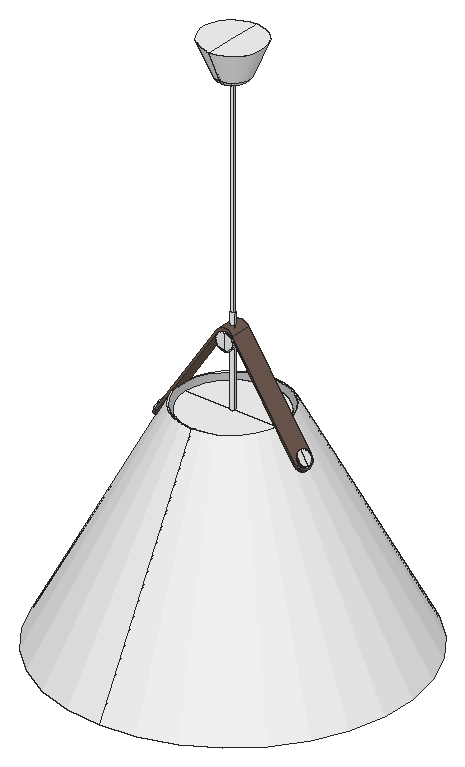
Revit family "Lighting_Pendants_Nordlux_Strap_68", category Lighting Fixtures, host Ceiling, Revit 2017
Family settings
  Host = Ceiling
  Round Connector Dimension = Use Diameter
  Part Type = Normal
  OmniClass Number = 23.80.70.11
  OmniClass Title = Luminaries for Internal Lighting
  Always vertical = Yes
  Cut with Voids When Loaded = No
  Light Source = Yes
  Shared = No
  Room Calculation Point = No
Parameters (values of type "Strap 68 - white with brown straps")
  Wattage = 6.7321 W
  WarrantyStartDate [instance] = "n/a"
  WarrantyGuarantorParts = "n/a"
  WarrantyGuarantorLabor = "n/a"
  WarrantyDurationUnit = "Hours"
  WarrantyDurationParts = "n/a"
  WarrantyDurationLabor = "n/a"
  WarrantyDescription = "n/a"
  built-in parameter 1150110 = 1 (stored number, unit not read)
  VersionDate = "12/08/2019"  # constant formula
  Version = "1"  # constant formula
  UsageCurrent = 0 A
  Uniclass2015Reference = "Pr_70_70_48_62"
  Uniclass2015Description = "Pendant  luminaires"
  Uniclass2 = "Pr_70_70_49_86"
  URL = "https://www.nordlux.com/products/product/84363001"
  TotalWattage = 60 W
  built-in parameter 1114217 = 1 (stored number, unit not read)
  Tilt Angle = 90.00°
  built-in parameter 1150109 = 1 (stored number, unit not read)
  built-in parameter 1150134 = (empty or 0)
  TagNumber [instance] = "n/a"
  SustainabilityPerformance = "n/a"
  built-in parameter 1150113 = 1 (stored number, unit not read)
  Socket = "E27"
  Size = "Shade: 680x680x607 mm / Canopy: 120x120x90 mm"  # constant formula
  Shape = "Sculptured"
  SerialNumber [instance] = "n/a"
  Revision = "n/a"
  ReplacementCost = "n/a"
  ProductInformation = "n/a"
  Product data url = "https://www.bimobject.com/nordlux/product/strap_68_pendant"
  Photometric Web File = "8436 Strap 68 Pendel.ies"
  PhaseReference = "n/a"
  PhaseAngle = 0.00°
  NumberOfSources = 0
  NumberOfPoles = 1
  NominalWidth = NominalDiameter  # 680 mm
  NominalVoltageCalc = 0 V
  NominalVoltage = 230 V
  NominalRadius = NominalDiameter / 2  # 340 mm
  NominalLength = NominalDiameter  # 680 mm
  NominalHeight [instance] = CableLengthControl + 607.2 mm  # 1107.2 mm
  NominalFrequencyRange = 50 Hz
  NominalDiameter = 680 mm
  NominalCurrent = 0 A
  Name = "Strap_68"  # constant formula
  NBSReference = "90-60-50/405"
  NBSDescription = "General purpose luminaires"
  ModelReference = ArticleNumber  # "84363001"
  ModelNumber = "n/a"
  Model = "Strap 68 - white with brown straps"
  Material = "Metal, leather & textile"
  ManufacturersSpecificInformation = "n/a"
  ManufacturerURL = "https://www.nordlux.com/"
  ManufacturerName = "Nordlux"
  Manufacturer = "Nordlux"
  MaintenanceFactor = 0
  Lumens = 1000 lm
  built-in parameter 1150115 = 1 (stored number, unit not read)
  built-in parameter 1150105 = 360.88 (stored number, unit not read)
  LightSource = "Not included"
  LightFixtureTertiaryMaterial = Brown leather
  LightFixtureSecondaryMaterial = White cable
  LightFixtureQuaternaryMaterial = Chrome
  LightFixturePlacingType = "Ceilling"
  LightFixtureMountingType = "Suspended"
  LightFixtureMainMaterial = White
  built-in parameter 1150137 = (empty or 0)
  built-in parameter 1150139 = (empty or 0)
  LensMaterial = Glass
  built-in parameter 1150112 = 1 (stored number, unit not read)
  built-in parameter 1150114 = 1 (stored number, unit not read)
  InsulationStandardClass = "Class 2 (Double isolated)"
  InstallationDate [instance] = "n/a"
  built-in parameter 1150132 = 2
  built-in parameter 1150102 = (empty or 0)
  built-in parameter 1150138 = (empty or 0)
  built-in parameter 1150107 = 3000 (stored number, unit not read)
  built-in parameter 1150106 = 3.6088 (stored number, unit not read)
  IfcExportType = "NOTDEFINED"  # constant formula
  IfcExportAs = "IfcLightFixtureType"  # constant formula
  IP_Code = "IP20"
  HasProtectiveEarth = no
  Grade = "n/a"
  Finish = "Primary material metal, secondary material leather, textile cable."
  Features = "Textile cable 300cm. Cable can not be replaced."
  ExpectedLife = "n/a"
  EnergyClass = "A++ -D"
  Emit from Circle Diameter = 60 mm
  Emit Shape Visible in Rendering = no
  ElectricalDeviceNominalPower = 0
  built-in parameter 1150104 = 13.8 (stored number, unit not read)
  EANNumber = "5701581400580"
  DurationUnit = "Hours"
  Dimming Lamp Color Temperature Shift = <None>
  Designer = "BJORN + BALLE"
  Description = "Metal and leather go well with the light Nordic style. The combination of these materials also allows the light to visually interact with a modern interior, where combining materials is one of the biggest current trends. With STRAP it seems obvious – just as obvious as how a Nordic light design is named after a leather strap. The narrow and elegant leather gives STRAP both a warm and raw look, which balances between the classic and the industrial. It comes with two leather straps in brown and black respectively, so it's up to you to give the STRAP the final look."
  DefaultElevation = 0 mm
  ConvergoRefNr = "0143-1909-0016-DK"  # constant formula
  Constituents = "n/a"
  Color Filter = 16777215
  Color = "White"
  Collection = "Strap"
  CodePerformance = "n/a"
  Category = "Indoor lighting"
  CableLengthControl [instance] = if(CableLength < 250 mm, 250 mm, if(CableLength > 3000 mm, 3000 mm, CableLength))  # 500 mm
  CableLength [instance] = 500 mm
  Brand = "Nordlux"
  Barcode [instance] = "n/a"
  built-in parameter 1114218 = 1 (stored number, unit not read)
  BIMObjectName = "Lighting_Pendants_Nordlux_Strap_68"  # constant formula
  Author = "Convergo AB"  # constant formula
  built-in parameter 1150133 = 10 (stored number, unit not read)
  AssetType = "Fixed"
  AssetIdentifier [instance] = "n/a"
  ArticleNumber = "84363001"
  AccessibilityPerformance = "n/a"
Types (4, lengths in mm): name | URL | ModelReference | Model | LightFixtureTertiaryMaterial | LightFixtureSecondaryMaterial | LightFixtureMainMaterial | EANNumber | Color | ArticleNumber
  Strap 68 - black with black straps | "https://www.nordlux.com/products/product/84363003" | "84363003" | "Strap 68 - black with black straps" | Black leather | Black cable | Black | "5701581400689" | "Black" | "84363003"
  Strap 68 - white with black straps | "https://www.nordlux.com/products/product/84363001" | "84363001" | "Strap 68 - white with black straps" | Black leather | White cable | White | "5701581400580" | "White" | "84363001"
  Strap 68 - black with brown straps | "https://www.nordlux.com/products/product/84363003" | "84363003" | "Strap 68 - black with brown straps" | Brown leather | Black cable | Black | "5701581400689" | "Black" | "84363003"
  Strap 68 - white with brown straps | "https://www.nordlux.com/products/product/84363001" | "84363001" | "Strap 68 - white with brown straps" | Brown leather | White cable | White | "5701581400580" | "White" | "84363001"
Reference planes
  plane 1 "Light Source Axis (F/B)": y = 0
  plane 2: z = 0
  plane 3 "Light Source Axis (L/R)": x = 0
  plane 4 "Ceiling": z = 4000
  plane 5 "Light Source Elevation": z = 3047.283
  plane 6: x = -340
  plane 7: y = 340
  plane 8: x = 340
  plane 9: y = -340
  plane 10: z = 3500
  plane 11: z = 2892.8
Forms (mm)
  Extrusion 1, solid, material "White" <- "LightFixtureMainMaterial", detail levels coarse
    sketch origin (0, 6000, 2892.8) x (0, 1, 0) y (1, 0, 0)
      loop
        line (-5660, -340) -> (-5660, 340) -> (-6340, 340) -> (-6340, -340) -> (-5660, -340)
    from 0 to -1107.2
Lines and regions (mm)
  symbolic lines
    curve 1: line (3, 0, 4000) -> (-3, 0, 4000)
  symbolic lines, detail levels medium+fine
    curve 2: line (3, 0, 3927) -> (3, 0, 3500)
    curve 3: line (-3, 0, 3927) -> (-3, 0, 3500)
    curve 4: line (0, 3, 3927) -> (0, 3, 3500)
    curve 5: line (0, -3, 3927) -> (0, -3, 3500)
Dimensions and locks
  equal spacing: host sketch curve, plane 3 "Light Source Axis (L/R)", host sketch curve
  equal spacing: host sketch curve, plane 1 "Light Source Axis (F/B)", host sketch curve
  host sketch curve to host sketch curve = 4000 mm  (x2)
  locked: plane 4 "Ceiling" to host ceiling at 0
  equal spacing: plane 9, plane 1 "Light Source Axis (F/B)", plane 7
  "NominalDiameter": plane 7 to plane 9
  equal spacing: plane 6, plane 3 "Light Source Axis (L/R)", plane 8
  "NominalDiameter": plane 6 to plane 8
  "CableLengthControl": plane 10 to plane 4 "Ceiling"
  locked: plane 11 to plane 5 "Light Source Elevation" at 154.483
  "NominalHeight": plane 11 to plane 4 "Ceiling"
  aligned and locked: plane 3 "Light Source Axis (L/R)" to imposter light
  aligned and locked: plane 1 "Light Source Axis (F/B)" to imposter light
  aligned and locked: plane 5 "Light Source Elevation" to imposter light
  aligned and locked: plane 4 "Ceiling" to curve 1  (x2)
  aligned and locked: Extrusion 1 sketch curve to plane 7
  aligned and locked: Extrusion 1 sketch curve to plane 6
  aligned and locked: Extrusion 1 sketch curve to plane 9
  aligned and locked: Extrusion 1 sketch curve to plane 8
  aligned and locked: Extrusion 1 to plane 4 "Ceiling"
  aligned and locked: curve 2 to nested 2
  aligned and locked: curve 3 to nested 2
  aligned and locked: plane 10 to curve 2
  aligned and locked: plane 10 to curve 3
  aligned and locked: curve 4 to nested 2
  aligned and locked: curve 5 to nested 2
  aligned and locked: plane 10 to curve 5
  aligned and locked: plane 10 to curve 4
  aligned and locked: nested 2 to plane 4 "Ceiling"
  aligned and locked: plane 3 "Light Source Axis (L/R)" to nested 1
  aligned and locked: nested 1 to plane 11
  aligned and locked: plane 1 "Light Source Axis (F/B)" to nested 1
Automatic sketch dimensions
  curve 1 to plane 3 "Light Source Axis (L/R)" = 3 mm
  curve 3 to plane 3 "Light Source Axis (L/R)" = 3 mm
  plane 3 "Light Source Axis (L/R)" to curve 2 = 3 mm
  plane 3 "Light Source Axis (L/R)" to curve 1 = 3 mm
  plane 1 "Light Source Axis (F/B)" to curve 5 = 3 mm
  curve 4 to plane 1 "Light Source Axis (F/B)" = 3 mm
Nested families
  nested 1: "Strap_68" at (0, 0, 2892.801), Metal <- "LightFixtureMainMaterial", Glass <- "LensMaterial", Nuts <- "LightFixtureQuaternaryMaterial", Strap <- "LightFixtureTertiaryMaterial", type "Strap_68"
    with Strap Brown leather, Nuts Chrome, Metal White, Glass Glass
  nested 2: "CeillingCap" at (0, 0, 4000) x (1, 0, 0) z (0, 0, -1), Cable <- "LightFixtureSecondaryMaterial", Metal <- "LightFixtureMainMaterial", CableLength <- "CableLengthControl", type "CeillingCap"
    with Metal White, CableLength 500 mm, Cable White cable
Connectors
  electrical at (0, 0, 4000), driven by "NumberOfPoles", driven by "NominalVoltage"
    settings: on nested 2, index 1, voltage 230 V, apparent load 0 VA, apparent load phase1 0 VA, apparent load phase2 0 VA, apparent load phase3 0 VA, power factor 1, load classification "Other", number of poles 1, system type 31, power factor state 1, is connector primary yes, connector utility no, sub classification motor no, connector description ""
Definition of nested family "Strap_68"
  Parameters (values of type "Strap_68")
    Strap [instance] = none
    Nuts [instance] = none
    Metal [instance] = none
    Glass [instance] = none
  Reference planes
    plane 1 "Center (Front/Back)": y = 0
    plane 2: z = 0
    plane 3 "Center (Left/Right)": x = 0
    plane 4: z = 154.482
    plane 5: z = 607.16
  Forms (mm)
    Revolve 1, solid, material <- "Metal", detail levels medium+fine
      sketch origin (0, 0, 0) x (0, 1, 0) y (0, 0, 1)
        loop
          arc (339.996, 0.796) -> (231.719, 225.338) -> (105.01, 440.019) r 2972.854
          line (105.01, 440.019) -> (103.332, 438.931)
          arc (103.332, 438.931) -> (229.956, 224.392) -> (338.161, -0.001) r 2970.854
          line (338.161, -0.001) -> (339.996, 0.796)
        axis (0, 440.019) -> (0, -0.001)
      angle from 0 to 360
    Revolve 2, solid, material <- "Metal", detail levels medium+fine
      sketch origin (0, 0, 120.127) x (1, 0, 0) y (0, 0, 1)
        loop
          line (-19.086, 281.03) -> (-19.086, 237.517) -> (-10.957, 237.517) -> (-10.957, 244.868) -> (0, 244.868) -> (0, 487.033) -> (-4, 487.033) -> (-4, 309.033) -> (-95.069, 309.033) -> (-95.069, 306.069) -> (-12.069, 306.069) -> (-12.069, 297.952)
          arc (-12.069, 297.952) -> (-17.262, 290.19) -> (-19.086, 281.03) r 23.912
        axis (0, 237.517) -> (0, 487.033)
      angle from 0 to 360
    Extrusion 3, solid, material <- "Strap", detail levels medium+fine
      sketch origin (0, 0, 0) x (1, 0, 0) y (0, 0, 1)
        loop
          arc (-13.743, 572.786) -> (0, 579.78) -> (13.743, 572.786) r 17
          arc (13.743, 572.786) -> (83.795, 472.286) -> (149.647, 368.984) r 2972.854
          line (149.647, 368.984) -> (153.918, 371.584)
          arc (153.918, 371.584) -> (87.571, 475.635) -> (16.971, 576.847) r 2977.854
          arc (16.971, 576.847) -> (0, 585.478) -> (-16.971, 576.847) r 21
          arc (-16.971, 576.847) -> (-87.571, 475.635) -> (-153.918, 371.584) r 2977.854
          line (-153.918, 371.584) -> (-149.647, 368.984)
          arc (-149.647, 368.984) -> (-83.795, 472.286) -> (-13.743, 572.786) r 2972.854
      from -20 to 20
    Revolve 4, solid, material <- "Nuts", detail levels medium+fine
      sketch origin (0, 0, 0) x (1, 0, 0) y (0, 0, 1)
        loop
          line (-146.641, 391.003) -> (-129.768, 380.25) -> (-128.693, 381.937) -> (-133.197, 384.807) -> (-129.532, 390.557)
          arc (-129.532, 390.557) -> (-129.466, 390.934) -> (-129.685, 391.248) r 0.5
          line (-129.685, 391.248) -> (-131.701, 392.532)
          arc (-131.701, 392.532) -> (-134.15, 389.78) -> (-136.25, 386.753) r 30.479
          line (-136.25, 386.753) -> (-142.083, 390.47) -> (-134.87, 401.788) -> (-137.931, 403.739)
          arc (-137.931, 403.739) -> (-138.308, 403.806) -> (-138.622, 403.586) r 0.5
          line (-138.622, 403.586) -> (-146.641, 391.003)
        axis (-146.641, 391.003) -> (-129.768, 380.25)
      angle from 0 to 360
    Revolve 5, solid, material <- "Metal", detail levels medium+fine
      sketch origin (0, 0, 0) x (0, 1, 0) y (0, 0, 1)
        loop
          line (22, 562.16) -> (22, 579.127)
          arc (22, 579.127) -> (21.853, 579.481) -> (21.5, 579.627) r 0.5
          line (21.5, 579.627) -> (-21.5, 579.627)
          arc (-21.5, 579.627) -> (-21.854, 579.481) -> (-22, 579.127) r 0.5
          line (-22, 579.127) -> (-22, 562.16) -> (22, 562.16)
        axis (-22, 562.16) -> (22, 562.16)
      angle from 0 to 360
    Revolve 6, solid, material <- "Glass", detail levels medium+fine
      sketch origin (0, 0, 0) x (1, 0, 0) y (0, 0, 1)
        loop
          line (-12.998, 384.654) -> (-12.998, 367.185)
          arc (-12.998, 367.185) -> (-16.171, 357.959) -> (-24.347, 352.636) r 15
          arc (-24.347, 352.636) -> (-99.275, 243.348) -> (0, 155.583) r 100.03
          line (0, 155.583) -> (0, 397.652) -> (-12.998, 384.654)
        axis (0, 155.583) -> (0, 397.652)
      angle from 0 to 360
    Sweep 7, void
      path in 3D
        loop
          line (-155.199, -20, 372.364) -> (-148.366, -20, 368.204)
      profile origin (-151.783, -20, 370.284) x (0.520053, 0, 0.854134) y (0, -1, 0)
        loop
          line (20, 0) -> (-1, 0) -> (-1, -40) -> (20, -40)
          arc (20, -40) -> (0, -20) -> (20, 0) r 20
    Sweep 8, void
      path in 3D
        loop
          line (155.199, -20, 372.364) -> (148.366, -20, 368.204)
      profile origin (151.783, -20, 370.284) x (0.520053, 0, -0.854134) y (0, -1, 0)
        loop
          arc (-20, 0) -> (0, -20) -> (-20, -40) r 20
          line (-20, -40) -> (1, -40) -> (1, 0) -> (-20, 0)
    Revolve 9, solid, material <- "Nuts", detail levels medium+fine
      sketch origin (0, 0, 0) x (-1, 0, 0) y (0, 0, 1)
        loop
          line (-146.641, 391.003) -> (-129.768, 380.25) -> (-128.693, 381.937) -> (-133.197, 384.807) -> (-129.532, 390.557)
          arc (-129.532, 390.557) -> (-129.466, 390.934) -> (-129.685, 391.248) r 0.5
          line (-129.685, 391.248) -> (-131.701, 392.532)
          arc (-131.701, 392.532) -> (-134.15, 389.78) -> (-136.25, 386.753) r 30.479
          line (-136.25, 386.753) -> (-142.083, 390.47) -> (-134.87, 401.788) -> (-137.931, 403.739)
          arc (-137.931, 403.739) -> (-138.308, 403.806) -> (-138.622, 403.586) r 0.5
          line (-138.622, 403.586) -> (-146.641, 391.003)
        axis (-146.641, 391.003) -> (-129.768, 380.25)
      angle from 0 to 360
  Cuts and joins
    joined: Revolve 1, Revolve 2, Revolve 5
    Sweep 7, Sweep 8 cuts Extrusion 3
    joined: Revolve 4, Revolve 9
  Lines and regions (mm)
    sketch lines
      curve 1: line (-155.199, -20, 372.364) -> (-148.366, -20, 368.204)
      curve 2: line (155.199, -20, 372.364) -> (148.366, -20, 368.204)
    symbolic lines, detail levels medium+fine
      curve 3: line (0, 0, -0.001) -> (-338.161, 0, -0.001)
      curve 4: line (-339.996, 0, 0.796) -> (-338.161, 0, -0.001)
      curve 8: arc (-16.971, 0, 576.847) -> (-77.637, 0, 490.429) -> (-135.202, 0, 401.914) r 2977.854
      curve 9: line (-153.918, 0, 371.584) -> (-149.647, 0, 368.984)
      curve 10: arc (-149.647, 0, 368.984) -> (-251.246, 0, 188.211) -> (-339.996, 0, 0.796) r 2972.854
      curve 11: line (-151.446, 0, 375.637) -> (-155.199, 0, 377.931)
      curve 12: line (-155.199, 0, 377.931) -> (-138.347, 0, 403.881)
      curve 13: line (-138.347, 0, 403.881) -> (-135.202, 0, 401.914)
      curve 15: arc (-151.446, 0, 375.637) -> (-152.683, 0, 373.611) -> (-153.918, 0, 371.584) r 2977.854
      curve 17: line (-4, 0, 607.16) -> (-4, 0, 585.094)
      curve 19: line (-3, 0, 607.16) -> (-4, 0, 607.16)
      curve 21: arc (-4, 0, 585.094) -> (-11.267, 0, 582.2) -> (-16.971, 0, 576.847) r 21
      curve 24: line (0, 0, -0.001) -> (338.161, 0, -0.001)
      curve 25: line (339.996, 0, 0.796) -> (338.161, 0, -0.001)
      curve 29: arc (16.971, 0, 576.847) -> (77.637, 0, 490.429) -> (135.202, 0, 401.914) r 2977.854
      curve 30: line (153.918, 0, 371.584) -> (149.647, 0, 368.984)
      curve 31: arc (149.647, 0, 368.984) -> (251.246, 0, 188.211) -> (339.996, 0, 0.796) r 2972.854
      curve 32: line (151.446, 0, 375.637) -> (155.199, 0, 377.931)
      curve 33: line (155.199, 0, 377.931) -> (138.347, 0, 403.881)
      curve 34: line (138.347, 0, 403.881) -> (135.202, 0, 401.914)
      curve 36: arc (151.446, 0, 375.637) -> (152.683, 0, 373.611) -> (153.918, 0, 371.584) r 2977.854
      curve 38: line (4, 0, 607.16) -> (4, 0, 585.094)
      curve 40: line (3, 0, 607.16) -> (4, 0, 607.16)
      curve 41: arc (4, 0, 585.094) -> (11.267, 0, 582.2) -> (16.971, 0, 576.847) r 21
      curve 44: line (0, 0, -0.001) -> (0, 338.161, -0.001)
      curve 45: line (0, 338.161, -0.001) -> (0, 339.996, 0.796)
      curve 46: arc (0, 339.996, 0.796) -> (0, 231.719, 225.338) -> (0, 105.01, 440.019) r 2972.854
      curve 48: line (0, 20, 440.019) -> (0, 105.01, 440.019)
      curve 50: line (0, 20, 440.019) -> (0, 20, 544.757)
      curve 56: line (0, 21.5, 544.757) -> (0, 20, 544.757)
      curve 57: line (0, 22, 545.257) -> (0, 22, 579.257)
      curve 58: line (0, 21.5, 579.757) -> (0, 20, 579.757)
      curve 59: line (0, 20, 579.757) -> (0, 20, 585.478)
      curve 61: arc (0, 22, 545.257) -> (0, 21.854, 544.903) -> (0, 21.5, 544.757) r 0.5
      curve 62: arc (0, 21.5, 579.757) -> (0, 21.854, 579.61) -> (0, 22, 579.257) r 0.5
      curve 63: line (0, 20, 585.478) -> (0, 4.041, 585.478)
      curve 64: line (0, 4.041, 585.478) -> (0, 4.041, 607.16)
      curve 65: line (0, 4.041, 607.16) -> (0, 3.041, 607.16)
      curve 68: line (0, 0, -0.001) -> (0, -338.161, -0.001)
      curve 69: line (0, -338.161, -0.001) -> (0, -339.996, 0.796)
      curve 70: arc (0, -339.996, 0.796) -> (0, -231.719, 225.338) -> (0, -105.01, 440.019) r 2972.854
      curve 72: line (0, -20, 440.019) -> (0, -105.01, 440.019)
      curve 74: line (0, -20, 440.019) -> (0, -20, 544.757)
      curve 80: line (0, -21.5, 544.757) -> (0, -20, 544.757)
      curve 81: line (0, -22, 545.257) -> (0, -22, 579.257)
      curve 82: line (0, -21.5, 579.757) -> (0, -20, 579.757)
      curve 83: line (0, -20, 579.757) -> (0, -20, 585.478)
      curve 85: arc (0, -22, 545.257) -> (0, -21.854, 544.903) -> (0, -21.5, 544.757) r 0.5
      curve 86: arc (0, -21.5, 579.757) -> (0, -21.854, 579.61) -> (0, -22, 579.257) r 0.5
      curve 87: line (0, -20, 585.478) -> (0, -4.041, 585.478)
      curve 88: line (0, -4.041, 585.478) -> (0, -4.041, 607.16)
      curve 89: line (0, -4.041, 607.16) -> (0, -3.041, 607.16)
      curve 92: circle (0, 0, 0) r 339.996 normal (0, 0, 1)
    symbolic lines, detail levels fine
      curve 5: arc (-105.01, 0, 440.019) -> (-127.579, 0, 404.659) -> (-149.647, 0, 368.984) r 2972.854
      curve 6: line (-339.996, 0, 0.796) -> (0, 0, 0.796)
      curve 7: arc (-105.01, 0, 440.019) -> (-60.276, 0, 507.021) -> (-13.743, 0, 572.786) r 2972.854
      curve 14: arc (-135.202, 0, 401.914) -> (-143.358, 0, 388.796) -> (-151.446, 0, 375.637) r 2977.854
      curve 16: arc (0, 0, 585.478) -> (-2.009, 0, 585.382) -> (-4, 0, 585.094) r 21
      curve 18: line (0, 0, 607.16) -> (-3, 0, 607.16)
      curve 20: circle (0, 0, 562.78) r 17 normal (0, 1, 0)
      curve 22: line (-105.01, 0, 440.019) -> (0, 0, 440.019)
      curve 23: line (-4, 0, 546.257) -> (-4, 0, 440.019)
      curve 26: arc (105.01, 0, 440.019) -> (127.579, 0, 404.659) -> (149.647, 0, 368.984) r 2972.854
      curve 27: line (339.996, 0, 0.796) -> (0, 0, 0.796)
      curve 28: arc (105.01, 0, 440.019) -> (60.276, 0, 507.021) -> (13.743, 0, 572.786) r 2972.854
      curve 35: arc (135.202, 0, 401.914) -> (143.358, 0, 388.796) -> (151.446, 0, 375.637) r 2977.854
      curve 37: arc (0, 0, 585.478) -> (2.009, 0, 585.382) -> (4, 0, 585.094) r 21
      curve 39: line (0, 0, 607.16) -> (3, 0, 607.16)
      curve 42: line (105.01, 0, 440.019) -> (0, 0, 440.019)
      curve 43: line (4, 0, 546.257) -> (4, 0, 440.019)
      curve 47: line (0, 0, 0.796) -> (0, 339.996, 0.796)
      curve 49: line (0, 20, 386.032) -> (0, 20, 440.019)
      curve 51: spline (0, 0.081, 368.984) -> (0, 2.685, 369.138) -> (0, 5.242, 369.58) -> (0, 7.71, 370.302) -> (0, 10.047, 371.291) -> (0, 12.213, 372.531) -> (0, 14.171, 374.002) -> (0, 15.888, 375.677) -> (0, 17.334, 377.528) -> (0, 18.485, 379.524) -> (0, 19.322, 381.631) -> (0, 19.83, 383.812) -> (0, 20, 386.032)
      curve 52: spline (0, 0.081, 371.584) -> (0, 2.685, 371.738) -> (0, 5.242, 372.18) -> (0, 7.71, 372.902) -> (0, 10.047, 373.891) -> (0, 12.213, 375.132) -> (0, 14.171, 376.602) -> (0, 15.888, 378.277) -> (0, 17.334, 380.128) -> (0, 18.485, 382.124) -> (0, 19.322, 384.231) -> (0, 19.83, 386.412) -> (0, 20, 388.632)
      curve 53: spline (0, 0, 375.779) -> (0, 2.013, 375.89) -> (0, 3.991, 376.222) -> (0, 5.901, 376.769) -> (0, 7.711, 377.521) -> (0, 9.388, 378.466) -> (0, 10.904, 379.588) -> (0, 12.234, 380.867) -> (0, 13.355, 382.281) -> (0, 14.247, 383.807) -> (0, 14.896, 385.417) -> (0, 15.289, 387.086) -> (0, 15.421, 388.783)
      curve 54: line (0, 15.421, 388.783) -> (0, 15.421, 390.783)
      curve 55: spline (0, 0, 403.788) -> (0, 2.013, 403.677) -> (0, 3.991, 403.345) -> (0, 5.901, 402.798) -> (0, 7.711, 402.046) -> (0, 9.388, 401.101) -> (0, 10.904, 399.979) -> (0, 12.234, 398.7) -> (0, 13.355, 397.286) -> (0, 14.247, 395.76) -> (0, 14.896, 394.149) -> (0, 15.289, 392.481) -> (0, 15.421, 390.783)
      curve 60: line (0, 20, 544.757) -> (0, 20, 579.757)
      curve 66: line (0, 3.041, 607.16) -> (0, 0, 607.16)
      curve 67: arc (0, 4.041, 585.478) -> (0, 2.031, 585.174) -> (0, 0, 585.074) r 20
      curve 71: line (0, 0, 0.796) -> (0, -339.996, 0.796)
      curve 73: line (0, -20, 386.032) -> (0, -20, 440.019)
      curve 75: spline (0, -0.081, 368.984) -> (0, -2.685, 369.138) -> (0, -5.242, 369.58) -> (0, -7.71, 370.302) -> (0, -10.047, 371.291) -> (0, -12.213, 372.531) -> (0, -14.171, 374.002) -> (0, -15.888, 375.677) -> (0, -17.334, 377.528) -> (0, -18.485, 379.524) -> (0, -19.322, 381.631) -> (0, -19.83, 383.812) -> (0, -20, 386.032)
      curve 76: spline (0, -0.081, 371.584) -> (0, -2.685, 371.738) -> (0, -5.242, 372.18) -> (0, -7.71, 372.902) -> (0, -10.047, 373.891) -> (0, -12.213, 375.132) -> (0, -14.171, 376.602) -> (0, -15.888, 378.277) -> (0, -17.334, 380.128) -> (0, -18.485, 382.124) -> (0, -19.322, 384.231) -> (0, -19.83, 386.412) -> (0, -20, 388.632)
      curve 77: spline (0, 0, 375.779) -> (0, -2.013, 375.89) -> (0, -3.991, 376.222) -> (0, -5.901, 376.769) -> (0, -7.711, 377.521) -> (0, -9.388, 378.466) -> (0, -10.904, 379.588) -> (0, -12.234, 380.867) -> (0, -13.355, 382.281) -> (0, -14.247, 383.807) -> (0, -14.896, 385.417) -> (0, -15.289, 387.086) -> (0, -15.421, 388.783)
      curve 78: line (0, -15.421, 388.783) -> (0, -15.421, 390.783)
      curve 79: spline (0, 0, 403.788) -> (0, -2.013, 403.677) -> (0, -3.991, 403.345) -> (0, -5.901, 402.798) -> (0, -7.711, 402.046) -> (0, -9.388, 401.101) -> (0, -10.904, 399.979) -> (0, -12.234, 398.7) -> (0, -13.355, 397.286) -> (0, -14.247, 395.76) -> (0, -14.896, 394.149) -> (0, -15.289, 392.481) -> (0, -15.421, 390.783)
      curve 84: line (0, -20, 544.757) -> (0, -20, 579.757)
      curve 90: line (0, -3.041, 607.16) -> (0, 0, 607.16)
      curve 91: arc (0, -4.041, 585.478) -> (0, -2.031, 585.174) -> (0, 0, 585.074) r 20
      curve 93: circle (0, 0, 0) r 338.161 normal (0, 0, 1)
      curve 94: circle (0, 0, 0) r 103.332 normal (0, 0, 1)
      curve 95: circle (0, 0, 0) r 100 normal (0, 0, 1)
      curve 96: line (-101.378, 20, 0) -> (-97.98, 20, 0)
      curve 97: line (-101.378, -20, 0) -> (-97.98, -20, 0)
      curve 98: line (101.378, 20, 0) -> (97.98, 20, 0)
      curve 99: line (101.378, -20, 0) -> (97.98, -20, 0)
  Dimensions and locks
    aligned and locked: level to plane 2
Definition of nested family "CeillingCap"
  Parameters (values of type "CeillingCap")
    Metal [instance] = none
    Default Elevation = 1219.2 mm
    CableLength [instance] = 250 mm
    Cable [instance] = none
  Reference planes
    plane 1 "Center (Front/Back)": y = 0
    plane 2: z = 0
    plane 3 "Center (Left/Right)": x = 0
  Forms (mm)
    Revolve 1, solid, material <- "Metal", detail levels medium+fine
      sketch origin (0, 0, 0) x (0, 1, 0) y (0, 0, 1)
        loop
          line (0, 0) -> (60, 0) -> (33.516, 63.754)
          arc (33.516, 63.754) -> (20.044, 72.995) -> (6.121, 64.449) r 15
          line (6.121, 64.449) -> (0, 64.449) -> (0, 0)
        axis (0, 64.449) -> (0, 0)
      angle from 0 to 360
    Extrusion 2, solid, material <- "Cable", detail levels medium+fine
      sketch origin (0, 0, 0) x (1, 0, 0) y (0, 1, 0)
        loop
          circle (0, 0) r 3
      from 10 to 250 <- "CableLength"
  Lines and regions (mm)
    symbolic lines, detail levels medium+fine
      curve 1: line (0, 0, 0) -> (-60, 0, 0)
      curve 2: line (-33.516, 0, 63.754) -> (-60, 0, 0)
      curve 3: arc (-19.664, 0, 73) -> (-27.991, 0, 70.476) -> (-33.516, 0, 63.754) r 15
      curve 4: line (-3, 0, 73) -> (-19.664, 0, 73)
      curve 6: line (0, 0, 0) -> (60, 0, 0)
      curve 7: line (33.516, 0, 63.754) -> (60, 0, 0)
      curve 8: arc (19.664, 0, 73) -> (27.991, 0, 70.476) -> (33.516, 0, 63.754) r 15
      curve 9: line (3, 0, 73) -> (19.664, 0, 73)
      curve 11: line (0, 60, 0) -> (0, 0, 0)
      curve 12: line (0, 60, 0) -> (0, 33.516, 63.754)
      curve 13: arc (0, 33.516, 63.754) -> (0, 27.991, 70.476) -> (0, 19.664, 73) r 15
      curve 14: line (0, 3, 73) -> (0, 19.664, 73)
      curve 16: line (0, -60, 0) -> (0, 0, 0)
      curve 17: line (0, -60, 0) -> (0, -33.516, 63.754)
      curve 18: arc (0, -33.516, 63.754) -> (0, -27.991, 70.476) -> (0, -19.664, 73) r 15
      curve 19: line (0, -3, 73) -> (0, -19.664, 73)
    symbolic lines, detail levels fine
      curve 5: line (0, 0, 73) -> (-3, 0, 73)
      curve 10: line (0, 0, 73) -> (3, 0, 73)
      curve 15: line (0, 0, 73) -> (0, 3, 73)
      curve 20: line (0, 0, 73) -> (0, -3, 73)
  Dimensions and locks
    aligned and locked: level to plane 2
